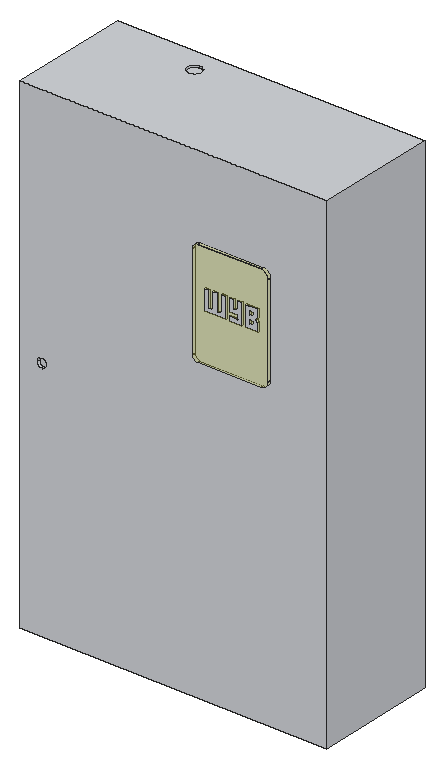
Revit family "ШУВ_С300_Рубеж_ЮТ_18.03.25", category Оборудование, Revit 2020
Family settings
  Размер круглого соединителя = Использовать диаметр
  Классификация = Нет
  Тип детали = Нормальный
  На основе рабочей плоскости = Нет
  Всегда вертикально = Да
  При загрузке вырезать с полостями = Нет
  Общий = Нет
  Точка расчета площади = Нет
Parameters (values of type "ШУВ_С300_РЖ_ЮТ_75-90кВт")
  расст замок верт = 600 mm
  Ширина [instance] = 750 mm
  Расст замок = 55 mm
  Расст ПУШ от верхней стенки = 200 mm
  Расст ввод от задней стенки = 60 mm
  Расст ввод от левой стенки = 235 mm
  Расст ПУШ от левой стенки = 430 mm
  Отметка по умолчанию = 0 mm
  Описание = "ШУВ предназначен для управления одно/трехфазным электродвигателем приточного или вытяжного вентилятора системы противопожарной вентиляции от 0,37 до 90 кВт, как в режиме «Местный пуск» с лицевой панели ШУВ, так и по сигналам любого модуля/прибора управления в режиме «Автоматический пуск» с контролем и отображением состояния вентилятора при помощи световой индикации и с передачей сигналов состояния на модуль управления, а также с опцией управления электрическим нагревателем мощностью 4 – 45 кВт."
  Назв гориз ПУШ = 210 mm
  Комментарии к типоразмеру = "Ш6/DEK"
  Assembly Code = "ООО \"Плазма-Т\""
  Keynote = "ООО \"Плазма-Т\""
  Manufacturer = "ООО \"Плазма-Т\""
  Группа модели = "ШУВ"
  Глубина [instance] = 300 mm
  Высота [instance] = 1200 mm
  URL = "https://plazma-t.ru/"
  B = 275 mm
  A = 300 mm
Types (6, lengths in mm): name | расст замок верт | Ширина | Расст ПУШ от верхней стенки | Расст ввод от левой стенки | Расст ПУШ от левой стенки | Комментарии к типоразмеру | Глубина | Высота | B | A
  ШУВ_С300_РЖ_ЮТ_0,37-11кВт | 198 | 310 | 48 | 55 | 80 | "Ш1/DEK" | 220 | 395 | 50 | 75
  ШУВ_С300_РЖ_ЮТ_15-30кВт | 250 | 400 | 80 | 320 | 160 | "Ш2/DEK" | 220 | 500 | 100 | 125
  ШУВ_С300_РЖ_ЮТ_45кВт | 400 | 650 | 110 | 245 | 335 | "Ш4/DEK" | 250 | 800 | 225 | 250
  ШУВ_С300_РЖ_ЮТ_55кВт | 500 | 650 | 200 | 235 | 335 | "Ш5/DEK" | 285 | 1000 | 225 | 250
  ШУВ_С300_РЖ_ЮТ_75-90кВт | 600 | 750 | 200 | 235 | 430 | "Ш6/DEK" | 300 | 1200 | 275 | 300
  ШУВ_С300_РЖ_ЮТ_37кВт | 325 | 500 | 110 | 300 | 240 | "Ш3/DEK" | 220 | 650 | 150 | 175
Reference planes
  plane 1 "По центру (Вперед/Назад)": y = 0
  plane 2: z = 0
  plane 3 "По центру (Влево/Вправо)": x = 0
  plane 4: y = -9
  plane 5 "Текст": y = -9
Forms (mm)
  Extrusion 1, solid
    sketch origin (0, 0, 0) x (1, 0, 0) y (0, 1, 0)
      loop
        line (0, 0) -> (750, 0) -> (750, 300) -> (0, 300) -> (0, 0)
    from 0 to 1200
  Extrusion 2, solid, material "Источник света по умолчанию"
    sketch origin (-180, 0, 0) x (1, 0, 0) y (0, 0, 1)
      loop
        arc (623, 1000) -> (613.808, 996.192) -> (610, 987) r 13
        line (610, 987) -> (610, 753)
        arc (610, 753) -> (613.808, 743.808) -> (623, 740) r 13
        line (623, 740) -> (776.542, 740)
        arc (776.542, 740) -> (789.27, 745.272) -> (794.542, 758) r 18
        line (794.542, 758) -> (794.542, 982)
        arc (794.542, 982) -> (789.27, 994.728) -> (776.542, 1000) r 18
        line (776.542, 1000) -> (623, 1000)
    from 0 to 9
  Extrusion 3, void
    sketch origin (0, 0, 0) x (1, 0, 0) y (0, 0, 1)
      loop
        circle (55, 600) r 11.5
    from 10 to -5.347
  Extrusion 4, void
    sketch origin (0, 0, 1200) x (0, 1, 0) y (1, 0, 0)
      loop
        circle (240, 235) r 17
    from 0 to 3
  Extrusion 5, solid
    sketch origin (-348.835, -9, 569.743) x (0, 0, -1) y (-1, 0, 0)
      loop
        line (-340.257, -808.835) -> (-340.257, -818.835) -> (-300.257, -818.835) -> (-300.257, -828.835) -> (-340.257, -828.835) -> (-340.257, -838.835) -> (-300.257, -838.835) -> (-300.257, -848.835) -> (-340.257, -848.835) -> (-340.257, -858.835) -> (-290.257, -858.835) -> (-290.257, -808.835) -> (-340.257, -808.835)
      loop
        line (-340.257, -868.835) -> (-340.257, -878.835) -> (-320.257, -878.835) -> (-320.257, -888.835) -> (-340.257, -888.835) -> (-340.257, -898.835) -> (-290.257, -898.835) -> (-290.257, -868.835) -> (-300.257, -868.835) -> (-300.257, -888.835) -> (-310.257, -888.835) -> (-310.257, -868.835) -> (-340.257, -868.835)
      loop
        line (-340.257, -908.835) -> (-340.257, -938.835) -> (-320.257, -938.835) -> (-315.257, -933.835) -> (-310.257, -938.835) -> (-290.257, -938.835) -> (-290.257, -908.835) -> (-340.257, -908.835)
      loop
        line (-300.257, -918.835) -> (-310.257, -918.835) -> (-310.257, -928.835) -> (-300.257, -928.835) -> (-300.257, -918.835)
      loop
        line (-330.257, -918.835) -> (-330.257, -928.835) -> (-320.257, -928.835) -> (-320.257, -918.835) -> (-330.257, -918.835)
    from 0 to 3
  Extrusion 6, void
    sketch origin (0, 0, 0) x (1, 0, 0) y (0, 1, 0)
      loop
        circle (275, 180) r 17
      loop
        circle (325, 180) r 17
      loop
        circle (375, 180) r 17
      loop
        circle (425, 180) r 17
      loop
        circle (475, 180) r 17
      loop
        circle (300, 240) r 17
      loop
        circle (350, 240) r 17
      loop
        circle (400, 240) r 17
      loop
        circle (450, 240) r 17
    from 0 to 3
Cuts and joins
  Extrusion 3, Extrusion 4, Extrusion 6 cuts Extrusion 1
Dimensions and locks
  "Ширина": Extrusion 1 to Extrusion 1
  "Глубина": Extrusion 1 to Extrusion 1
  "Высота": Extrusion 1 to Extrusion 1
  "Расст ПУШ от верхней стенки": Extrusion 1 to Extrusion 2 sketch curve
  "расст замок верт": Extrusion 1 to Extrusion 3 sketch curve
  "Расст замок": Extrusion 1 to Extrusion 3 sketch curve
  "Расст ввод от левой стенки": Extrusion 4 sketch curve to cut or joined group of Extrusion 1, Extrusion 3, Extrusion 4, Extrusion 6
  "Расст ввод от задней стенки": cut or joined group of Extrusion 1, Extrusion 3, Extrusion 4, Extrusion 6 to Extrusion 4 sketch curve
  locked: Extrusion 2 sketch curve to Extrusion 2 sketch curve at 184.542
  locked: Extrusion 2 sketch curve to Extrusion 2 sketch curve at 260
  "Расст ПУШ от левой стенки": cut or joined group of Extrusion 1, Extrusion 3, Extrusion 4, Extrusion 6 to Extrusion 2 sketch curve
  cut or joined group of Extrusion 1, Extrusion 3, Extrusion 4, Extrusion 6 to cut or joined group of Extrusion 1, Extrusion 3, Extrusion 4, Extrusion 6 = 750 mm
  locked: Extrusion 5 to Extrusion 5 at 130
  locked: Extrusion 5 to Extrusion 5 at 50  (x4)
  locked: Extrusion 5 to Extrusion 5 at 90
  locked: Extrusion 5 to Extrusion 5 at 30
  locked: Extrusion 2 to Extrusion 5 at 30
  locked: Extrusion 5 to Extrusion 2 at 170
  equal spacing: Extrusion 6 sketch curve, Extrusion 6 sketch curve, Extrusion 6 sketch curve, Extrusion 6 sketch curve, Extrusion 6 sketch curve, locked at 50 each
  "B": plane 3 "По центру (Влево/Вправо)" to Extrusion 6 sketch curve
  equal spacing: Extrusion 6 sketch curve, Extrusion 6 sketch curve, Extrusion 6 sketch curve, Extrusion 6 sketch curve
  "A": cut or joined group of Extrusion 1, Extrusion 3, Extrusion 4, Extrusion 6 to Extrusion 6 sketch curve
  locked: cut or joined group of Extrusion 1, Extrusion 3, Extrusion 4, Extrusion 6 to Extrusion 6 sketch curve at 60
  locked: cut or joined group of Extrusion 1, Extrusion 3, Extrusion 4, Extrusion 6 to Extrusion 6 sketch curve at 120
  cut or joined group of Extrusion 1, Extrusion 3, Extrusion 4, Extrusion 6 to Extrusion 6 sketch curve = 60 mm  (x3)
  cut or joined group of Extrusion 1, Extrusion 3, Extrusion 4, Extrusion 6 to Extrusion 6 sketch curve = 120 mm  (x4)
  diameter of Extrusion 4 sketch curve = 34 mm
  diameter of cut or joined group of Extrusion 1, Extrusion 3, Extrusion 4, Extrusion 6 = 34 mm
  diameter of Extrusion 6 sketch curve = 34 mm  (x9)
  aligned and locked: level to plane 2
  aligned and locked: Extrusion 1 to level
  aligned and locked: Extrusion 1 to plane 3 "По центру (Влево/Вправо)"
  aligned and locked: plane 1 "По центру (Вперед/Назад)" to Extrusion 1
  aligned and locked: plane 5 "Текст" to Extrusion 2
Automatic sketch dimensions
  plane 3 "По центру (Влево/Вправо)" to Extrusion 1 sketch curve = 0 mm
  plane 1 "По центру (Вперед/Назад)" to Extrusion 1 sketch curve = 0 mm
  plane 3 "По центру (Влево/Вправо)" to Extrusion 1 sketch curve = 750 mm
  Extrusion 1 sketch curve to plane 1 "По центру (Вперед/Назад)" = 300 mm
  plane 3 "По центру (Влево/Вправо)" to Extrusion 5 sketch curve = 460 mm
  level to Extrusion 5 sketch curve = 910 mm
  Extrusion 5 sketch curve to Extrusion 5 sketch curve = 0 mm  (x11)
  Extrusion 5 sketch curve to Extrusion 5 sketch curve = 20 mm  (x2)
  plane 3 "По центру (Влево/Вправо)" to Extrusion 5 sketch curve = 590 mm
  Extrusion 5 sketch curve to Extrusion 5 sketch curve = 10 mm  (x18)
  Extrusion 5 sketch curve to Extrusion 5 sketch curve = 5 mm  (x5)
  Extrusion 5 sketch curve to Extrusion 5 sketch curve = 40 mm
  Extrusion 2 sketch curve to Extrusion 2 sketch curve = 13 mm  (x2)
  Extrusion 2 sketch curve to Extrusion 2 sketch curve = 18 mm  (x2)
  Extrusion 6 sketch curve to Extrusion 6 sketch curve = 50 mm  (x2)
  radius of Extrusion 3 sketch curve = 11.5 mm
Connectors
  electrical at (300, 240, 3)
    settings: on cut or joined group of Extrusion 1, Extrusion 3, Extrusion 4, Extrusion 6, index 1, voltage 0 V, apparent load 0 VA, apparent load phase1 0 VA, apparent load phase2 0 VA, apparent load phase3 0 VA, power factor 1, load classification "Прочее", number of poles 1, system type 11, power factor state 1, is connector primary yes, connector utility no, sub classification motor no, connector description "Сухой контакт"
  electrical at (400, 240, 3)
    settings: on cut or joined group of Extrusion 1, Extrusion 3, Extrusion 4, Extrusion 6, index 3, voltage 0 V, apparent load 0 VA, apparent load phase1 0 VA, apparent load phase2 0 VA, apparent load phase3 0 VA, power factor 1, load classification "Прочее", number of poles 1, system type 11, power factor state 1, is connector primary no, connector utility no, sub classification motor no, connector description "Сухой контакт"
  electrical at (450, 240, 3)
    settings: on cut or joined group of Extrusion 1, Extrusion 3, Extrusion 4, Extrusion 6, index 4, voltage 0 V, apparent load 0 VA, apparent load phase1 0 VA, apparent load phase2 0 VA, apparent load phase3 0 VA, power factor 1, load classification "Прочее", number of poles 1, system type 30, power factor state 1, is connector primary no, connector utility no, sub classification motor no, connector description "380В или 220В"
  electrical at (275, 180, 3)
    settings: on cut or joined group of Extrusion 1, Extrusion 3, Extrusion 4, Extrusion 6, index 5, voltage 0 V, apparent load 0 VA, apparent load phase1 0 VA, apparent load phase2 0 VA, apparent load phase3 0 VA, power factor 1, load classification "Прочее", number of poles 1, system type 13, power factor state 1, is connector primary no, connector utility no, sub classification motor no, connector description "Шлейф"
  electrical at (325, 180, 3)
    settings: on cut or joined group of Extrusion 1, Extrusion 3, Extrusion 4, Extrusion 6, index 6, voltage 0 V, apparent load 0 VA, apparent load phase1 0 VA, apparent load phase2 0 VA, apparent load phase3 0 VA, power factor 1, load classification "Прочее", number of poles 1, system type 13, power factor state 1, is connector primary no, connector utility no, sub classification motor no, connector description "Шлейф"
  electrical at (375, 180, 3)
    settings: on cut or joined group of Extrusion 1, Extrusion 3, Extrusion 4, Extrusion 6, index 7, voltage 0 V, apparent load 0 VA, apparent load phase1 0 VA, apparent load phase2 0 VA, apparent load phase3 0 VA, power factor 1, load classification "Прочее", number of poles 1, system type 13, power factor state 1, is connector primary no, connector utility no, sub classification motor no, connector description "Шлейф"
  electrical at (425, 180, 3)
    settings: on cut or joined group of Extrusion 1, Extrusion 3, Extrusion 4, Extrusion 6, index 8, voltage 0 V, apparent load 0 VA, apparent load phase1 0 VA, apparent load phase2 0 VA, apparent load phase3 0 VA, power factor 1, load classification "Прочее", number of poles 1, system type 13, power factor state 1, is connector primary no, connector utility no, sub classification motor no, connector description "Шлейф"
  electrical at (475, 180, 3)
    settings: on cut or joined group of Extrusion 1, Extrusion 3, Extrusion 4, Extrusion 6, index 9, voltage 0 V, apparent load 0 VA, apparent load phase1 0 VA, apparent load phase2 0 VA, apparent load phase3 0 VA, power factor 1, load classification "Прочее", number of poles 1, system type 13, power factor state 1, is connector primary no, connector utility no, sub classification motor no, connector description "Шлейф"
  electrical at (350, 240, 3)
    settings: on cut or joined group of Extrusion 1, Extrusion 3, Extrusion 4, Extrusion 6, index 10, voltage 0 V, apparent load 0 VA, apparent load phase1 0 VA, apparent load phase2 0 VA, apparent load phase3 0 VA, power factor 1, load classification "Прочее", number of poles 1, system type 11, power factor state 1, is connector primary no, connector utility no, sub classification motor no, connector description "Сухой контакт"
  electrical at (235, 240, 1197)
    settings: on cut or joined group of Extrusion 1, Extrusion 3, Extrusion 4, Extrusion 6, index 11, voltage 0 V, apparent load 0 VA, apparent load phase1 0 VA, apparent load phase2 0 VA, apparent load phase3 0 VA, power factor 1, load classification "Прочее", number of poles 1, system type 30, power factor state 1, is connector primary no, connector utility no, sub classification motor no, connector description "380В или 220В"
